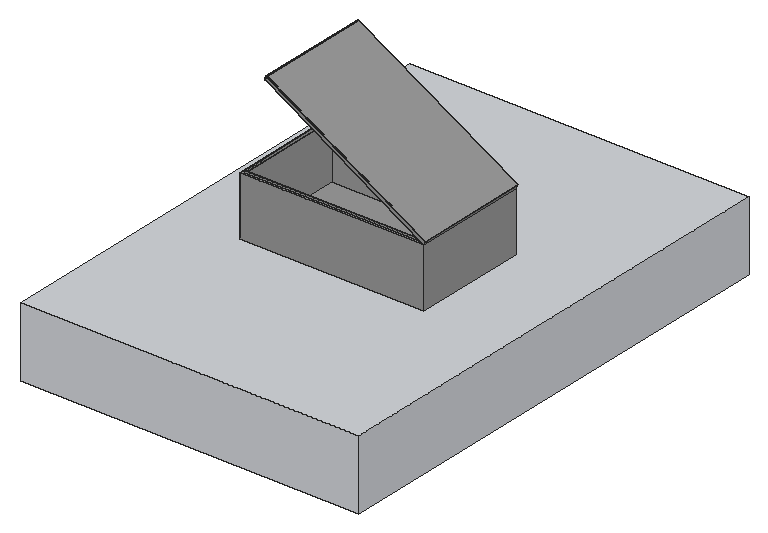
Revit family "Hager-Univers-IP55-D275-H500-Cl.II-Steel_encl-SE-en", category Equipement électrique, Revit 2020
Family settings
  Hôte = Face
  Configuration du panneau = Deux colonnes, circuits au sein
  Cote de connecteur circulaire = Utiliser le diamètre
  Type d'élément = Tableau de raccordement
  Couper avec des vides une fois chargée = Non
  Partagée = Non
  Point de calcul de pièce = Non
Parameters (values of type "Surface mounted (plaster) IP55 W800 H500 D275  - FR33S")
  Width Control [instance] = if([EF000008 - Width] > Min Width, [EF000008 - Width], Min Width)  # 800 mm
  Commentaires du type = [HG000003 - Range]  # "Univers"
  Thickness Door [instance] = if([EF009171 - Material plate thickness door/cover] > 3 mm, 3 mm, [EF009171 - Material plate thickness door/cover])  # 1.5 mm
  Seal Frame Offset [instance] = 17 mm  # constant formula
  Plinth Visibility [instance] = [HG000027 - Plinth height] > 0 mm  # no
  Model = ""
  Min Width [instance] = 100 mm  # constant formula
  Min Height [instance] = 100 mm  # constant formula
  Min Depth [instance] = (2 * [EF009170 - Material plate thickness cabinet]) + 1 mm  # 4 mm
  Internal Frame Depth [instance] = (Door System Depth * 0.5)  # 9 mm
  Height Control [instance] = if([EF000040 - Height] > Min Height, [EF000040 - Height], Min Height)  # 500 mm
  HG000027 - Plinth height = 0 mm
  HG000026 - Floor standing = no
  HG000024 - Bottom section height = 800 mm
  HG000023 - Double section enclosure = no
  HG000016 - Door 3d visibility [instance] = yes
  HG000015 - Clearance visibility [instance] = no
  HG000014 - Door on the right [instance] = yes
  HG000013 - Door on the left [instance] = not([HG000014 - Door on the right])  # no
  HG000012 - Door swing angle [instance] = 30.00°
  HG000010 - Asymmetric doors = no
  HG000009 - Double swing door = no
  HG000006 - Flush mounted = no
  HG000004 - Manufacturer reference = "FR33S"
  HG000003 - Range = "Univers"
  HG000002 - With door or cover = yes
  Frame Offset Bottom [instance] = 10 mm  # constant formula
  Frame Offset [instance] = 15 mm  # constant formula
  EF015940 - Cover with overpressure release = no
  EF011959 - Degree of protection (NEMA) = ""
  EF009554 - Number of openings for flange plates = 6
  EF009212 - Cover model = "EV000116 - Closed"
  EF009171 - Material plate thickness door/cover = 1.5 mm
  EF009170 - Material plate thickness cabinet = 1.5 mm
  Fabricant = "Hager"  # constant formula
  EF008873 - Nominal current (In) = 800 A
  EF007800 - Suitable for lightning protection = no
  EF006306 - With lock = no
  EF006244 - Transparent cover/door = no
  EF005474 - Degree of protection (IP) = "EV006420 - IP55"
  EF004464 - Type of door = "EV002646 - Single"
  EF004427 - Number of modules = 108
  EF004293 - Impact strength = "EV008784 - IK10"
  EF003532 - Suitable for outdoor use = no
  EF002950 - Width in number of modular spacings = 24
  EF001613 - Circuit integrity = "EV000494 - None"
  EF001596 - Material housing = "EV000179 - Steel"
  EF001131 - Internal depth = 275 mm
  EF001088 - Extension possible = yes
  EF000437 - Number of conduit inlets = 6
  EF000339 - Type of cover = "EV004216 - Door"
  EF000266 - Number of rows = 3
  EF000218 - Built-in depth = 0 mm
  EF000118 - With mounting plate = no
  EF000116 - RAL-number = "7035"
  EF000049 - Depth = 275 mm
  EF000040 - Height = 500 mm
  EF000008 - Width = 800 mm
  EF000007 - Colour = "EV000270 - Grey"
  EF000003 - Mounting method = "EV000384 - Surface mounted (plaster)"
  Door System Leaf Tolerance [instance] = 1.5 mm  # constant formula
  Door System Depth [instance] = 18 mm  # constant formula
  Door Height [instance] = Height Control - [HG000027 - Plinth height]  # 500 mm
  Depth Control [instance] = if([EF000049 - Depth] > Min Depth, [EF000049 - Depth], Min Depth)  # 275 mm
  Default Elevation = 0 mm
  Connector Offset [instance] = Height Control / 2  # 250 mm
  Bottom Top Plate Trim [instance] = 1.5 mm  # constant formula
  Plinth height Ctrl [instance] = if([HG000027 - Plinth height] > 0 mm, [HG000027 - Plinth height], 12 mm)  # 12 mm
Types (5, lengths in mm): name | Width Control | HG000010 - Asymmetric doors | HG000009 - Double swing door | HG000004 - Manufacturer reference | EF009554 - Number of openings for flange plates | EF004464 - Type of door | EF004427 - Number of modules | EF000437 - Number of conduit inlets | EF000008 - Width
  Surface mounted (plaster) IP55 W1050 H500 D275  - FR34S | 1050 | no | yes | "FR34S" | 8 | "EV003602 - Double" | 144 | 8 | 1050
  Surface mounted (plaster) IP55 W1300 H500 D275  - FR35S | 1300 | yes | yes | "FR35S" | 10 | "EV003602 - Double" | 180 | 10 | 1300
  Surface mounted (plaster) IP55 W300 H500 D275  - FR31S | 300 | no | no | "FR31S" | 2 | "EV002646 - Single" | 36 | 2 | 300
  Surface mounted (plaster) IP55 W550 H500 D275  - FR32S | 550 | no | no | "FR32S" | 4 | "EV002646 - Single" | 72 | 4 | 550
  Surface mounted (plaster) IP55 W800 H500 D275  - FR33S | 800 | no | no | "FR33S" | 6 | "EV002646 - Single" | 108 | 6 | 800
Reference planes
  plane 1 "Center (Front/Back)": y = 0
  plane 2: z = 0
  plane 3 "Center (Left/Right)": x = 0
  plane 4: z = 275
  plane 5: y = 1.5
  plane 6: y = 250
  plane 7: y = 0
  plane 8: y = 500
  plane 9: z = 0
  plane 10: x = -385
  plane 11: x = 385
  plane 12: x = 383.5
  plane 13: x = -383.5
  plane 14: y = 498.5
  plane 15: x = -383
  plane 16: x = -400
  plane 17: x = 383
  plane 18: x = 400
  plane 19: x = 398.5
  plane 20: x = -398.5
  plane 21: y = 11.5
  plane 22: y = 500
  plane 23: y = 483.5
  plane 24: z = 257
  plane 25: z = 1.5
  plane 26: z = 255.5
  plane 27: z = 273.5
Forms (mm)
  Extrusion 1, solid
    sketch origin (0, 0, 0) x (1, 0, 0) y (0, 1, 0)
      loop
        line (-702.964, 1305) -> (-702.964, -811.445) -> (766.763, -811.445) -> (766.763, 1305) -> (-702.964, 1305)
    from 0 to -304.8
  Extrusion 2, solid, material "Hager_Steel_RAL7035_Light_Grey", visible <- "Plinth Visibility", detail levels medium+fine
    sketch origin (0, 0, 0) x (1, 0, 0) y (0, 1, 0)
      loop
        line (-400, 0) -> (400, 0) -> (400, 12) -> (-400, 12) -> (-400, 0)
    from 0 to 257
  Extrusion 3, solid, material "Hager_Steel_RAL7035_Light_Grey", detail levels medium+fine
    sketch origin (0, 0, 0) x (1, 0, 0) y (0, 1, 0)
      loop
        line (-400, 0) -> (400, 0) -> (400, 500) -> (-400, 500) -> (-400, 0)
    from 0 to 257
  Extrusion 4, void
    sketch origin (0, 0, 0) x (1, 0, 0) y (0, 1, 0)
      loop
        line (-398.5, 1.5) -> (398.5, 1.5) -> (398.5, 498.5) -> (-398.5, 498.5) -> (-398.5, 1.5)
    from 1.5 to 255.5
  Extrusion 5, void
    sketch origin (-381.607, -4572, 257) x (0, -1, 0) y (-1, 0, 0)
      loop
        line (-4583.5, 1.893) -> (-5055.5, 1.893) -> (-5055.5, -765.107) -> (-4583.5, -765.107) -> (-4583.5, 1.893)
    from 0 to 1.5 <- "EF009170 - Material plate thickness cabinet"
  Extrusion 6, solid, material "Hager_Steel_RAL7035_Light_Grey", detail levels fine
    sketch origin (0, 0, 257) x (1, 0, 0) y (0, 1, 0)
      loop
        line (-383.5, 483.5) -> (-383.5, 11.5) -> (383.5, 11.5) -> (383.5, 483.5) -> (-383.5, 483.5)
      loop
        line (-385, 10) -> (385, 10) -> (385, 485) -> (-385, 485) -> (-385, 10)
    from 0 to 9 <- "Internal Frame Depth"
  Extrusion 7, solid, material "Hager_Steel_RAL7035_Light_Grey", detail levels coarse
    sketch origin (0, 0, 0) x (1, 0, 0) y (0, 1, 0)
      loop
        line (-400, 0) -> (400, 0) -> (400, 500) -> (-400, 500) -> (-400, 0)
    from 0 to 275
  Sweep 8, void
    path in 3D
      loop
        line (-400, 12, 0) -> (400, 12, 0) -> (400, 12, 257) -> (-400, 12, 257) -> (-400, 12, 0)
    profile origin (-400, 12, 128.5) x (-1, 0, 0) y (0, -1, 0)
      loop
        line (0, 0) -> (0, 1.5) -> (-1.5, 1.5)
        arc (-1.5, 1.5) -> (-1.061, 0.439) -> (0, 0) r 1.5
Cuts and joins
  Extrusion 4, Extrusion 5 cuts Extrusion 3
  Sweep 8 cuts Extrusion 2
Lines and regions (mm)
  Masking region 1
    outline origin (0, 0, 0) x (1, 0, 0) y (0, 0, 1)
      loop
        line (-400, 275) -> (-400, 0) -> (400, 0) -> (400, 275) -> (-400, 275)
  Masking region 2, detail levels medium+fine
    outline origin (0, 140, 0) x (0, 1, 0) y (0, 0, 1)
      loop
        line (-140, 0) -> (360, 0) -> (360, 257) -> (-140, 257) -> (-140, 0)
  Masking region 3, not visible, detail levels medium+fine
    outline origin (0, 297.922, 0) x (0, 1, 0) y (0, 0, 1)
      loop
        line (-36.422, 0) -> (3.578, 0) -> (3.578, 263.5)
        arc (3.578, 263.5) -> (0.649, 270.571) -> (-6.422, 273.5) r 10
        line (-6.422, 273.5) -> (-36.422, 273.5) -> (-36.422, 0)
  Masking region 4, detail levels coarse
    outline origin (0, 0, 180) x (0, 1, 0) y (0, 0, 1)
      loop
        line (0, -180) -> (500, -180) -> (500, 95) -> (0, 95) -> (0, -180)
  Masking region 5, visible <- "Plinth Visibility", detail levels medium+fine
    outline origin (0, 52.24, 12.345) x (0, 0, -1) y (0, 1, 0)
      loop
        line (10.845, -40.24) -> (-243.155, -40.24)
        arc (-243.155, -40.24) -> (-243.594, -41.301) -> (-244.655, -41.74) r 1.5
        line (-244.655, -41.74) -> (-244.655, -52.24) -> (12.345, -52.24) -> (12.345, -41.74)
        arc (12.345, -41.74) -> (11.285, -41.301) -> (10.845, -40.24) r 1.5
  Masking region 6, detail levels medium+fine
    outline origin (-381.607, -4572, 257) x (-1, 0, 0) y (0, -1, 0)
      loop
        line (18.393, -5072) -> (18.393, -4572) -> (-781.607, -4572) -> (-781.607, -5072) -> (18.393, -5072)
  Masking region 7, visible <- "Plinth Visibility", detail levels medium+fine
    outline origin (-381.607, -4727, 257) x (-1, 0, 0) y (0, -1, 0)
      loop
        arc (16.893, -4739) -> (17.332, -4737.939) -> (18.393, -4737.5) r 1.5
        line (18.393, -4737.5) -> (18.393, -4727) -> (-781.607, -4727) -> (-781.607, -4737.5)
        arc (-781.607, -4737.5) -> (-780.546, -4737.939) -> (-780.107, -4739) r 1.5
        line (-780.107, -4739) -> (16.893, -4739)
  Masking region 8, detail levels coarse
    outline origin (-442.548, -4669.526, 257) x (-1, 0, 0) y (0, -1, 0)
      loop
        line (-42.548, -5169.526) -> (-42.548, -4669.526) -> (-842.548, -4669.526) -> (-842.548, -5169.526) -> (-42.548, -5169.526)
  sketch lines
    curve 1: line (-400, 12, 257) -> (-400, 12, 0)
    curve 2: line (400, 12, 257) -> (-400, 12, 257)
    curve 3: line (400, 12, 257) -> (400, 12, 0)
    curve 4: line (-400, 12, 0) -> (400, 12, 0)
Dimensions and locks
  "Depth Control": plane 4 to Extrusion 1
  "HG000027 - Plinth height": plane 1 "Center (Front/Back)" to plane 7
  "EF009170 - Material plate thickness cabinet": plane 5 to plane 7
  locked: connector elem to plane 3 "Center (Left/Right)"
  equal spacing: plane 8, plane 6, plane 7
  locked: connector elem to plane 6
  "EF009170 - Material plate thickness cabinet": plane 8 to plane 14
  "EF009170 - Material plate thickness cabinet": plane 10 to plane 13
  "EF009170 - Material plate thickness cabinet": plane 12 to plane 11
  "Frame Offset": plane 20 to plane 13
  "Frame Offset": plane 12 to plane 19
  "EF009170 - Material plate thickness cabinet": plane 16 to plane 20
  "EF009170 - Material plate thickness cabinet": plane 19 to plane 18
  "Seal Frame Offset": plane 16 to plane 15
  "Seal Frame Offset": plane 17 to plane 18
  "Frame Offset Bottom": plane 21 to plane 5
  "Frame Offset": plane 14 to plane 23
  equal spacing: plane 16, plane 3 "Center (Left/Right)", plane 18
  "Width Control": plane 16 to plane 18
  "EF009170 - Material plate thickness cabinet": plane 4 to plane 27
  "EF009170 - Material plate thickness cabinet": plane 24 to plane 26
  "EF009170 - Material plate thickness cabinet": plane 25 to level
  "Door System Depth": plane 4 to plane 24
  "Height Control": plane 1 "Center (Front/Back)" to Extrusion 7 sketch curve
  "Height Control": Masking region 4 sketch curve to plane 1 "Center (Front/Back)"
  "Height Control": plane 1 "Center (Front/Back)" to plane 22
  "Bottom Top Plate Trim": profile plane to Sweep 8 sketch curve
  "Bottom Top Plate Trim": Sweep 8 sketch curve to profile plane
  "Plinth height Ctrl": plane 1 "Center (Front/Back)" to Extrusion 2 sketch curve
  "Plinth height Ctrl": Masking region 5 sketch curve to plane 1 "Center (Front/Back)"
  "Plinth height Ctrl": plane 1 "Center (Front/Back)" to Masking region 7 sketch curve
  "Thickness Door": Extrusion 6 sketch curve to Extrusion 6 sketch curve  (x3)
  "Thickness Door": cut or joined group of Extrusion 3, Extrusion 4, Extrusion 5 to Extrusion 6 sketch curve
  radius of Masking region 3 sketch curve = 10 mm
  "Bottom Top Plate Trim": radius of Masking region 5 sketch curve  (x2)
  "Bottom Top Plate Trim": radius of Sweep 8 sketch curve
  "Bottom Top Plate Trim": radius of Masking region 7 sketch curve  (x2)
  aligned and locked: plane 2 to Extrusion 1
  aligned and locked: level to Extrusion 1
  aligned and locked: level to Masking region 1 sketch curve
  aligned and locked: Masking region 1 sketch curve to plane 18
  aligned and locked: Masking region 1 sketch curve to plane 16
  aligned and locked: plane 7 to Masking region 2 sketch curve
  aligned and locked: level to Masking region 3 sketch curve
  aligned and locked: Masking region 3 sketch curve to plane 27
  aligned and locked: level to Masking region 2 sketch curve
  aligned and locked: plane 1 "Center (Front/Back)" to Extrusion 2 sketch curve
  aligned and locked: Extrusion 3 sketch curve to plane 7
  aligned and locked: plane 16 to Extrusion 3 sketch curve
  aligned and locked: plane 18 to Extrusion 3 sketch curve
  aligned and locked: plane 20 to Extrusion 4 sketch curve
  aligned and locked: plane 19 to Extrusion 4 sketch curve
  aligned and locked: Extrusion 4 sketch curve to plane 5
  aligned and locked: Extrusion 4 to plane 25
  aligned and locked: plane 26 to Extrusion 4
  aligned and locked: plane 24 to Extrusion 3
  aligned and locked: Extrusion 5 sketch curve to plane 21
  aligned and locked: Extrusion 5 sketch curve to plane 13
  aligned and locked: Extrusion 5 sketch curve to plane 12
  aligned and locked: plane 18 to Extrusion 7 sketch curve
  aligned and locked: plane 1 "Center (Front/Back)" to Extrusion 7 sketch curve
  aligned and locked: plane 16 to Extrusion 7 sketch curve
  aligned and locked: plane 4 to Extrusion 7
  aligned and locked: Extrusion 7 to level
  aligned and locked: level to Masking region 4 sketch curve
  aligned and locked: Masking region 4 sketch curve to plane 1 "Center (Front/Back)"
  aligned and locked: Masking region 4 sketch curve to plane 4
  aligned and locked: nested 1 to level
  aligned and locked: nested 1 to plane 16
  aligned and locked: plane 8 to Extrusion 3 sketch curve
  aligned and locked: plane 23 to Extrusion 5 sketch curve
  aligned and locked: plane 14 to Extrusion 4 sketch curve
  aligned and locked: Masking region 2 sketch curve to plane 8
  aligned and locked: level to Masking region 5 sketch curve
  aligned and locked: plane 16 to Extrusion 2 sketch curve
  aligned and locked: plane 18 to Extrusion 2 sketch curve
  aligned and locked: Masking region 5 sketch curve to plane 24
  aligned and locked: Masking region 2 sketch curve to plane 24
  aligned and locked: plane 24 to Extrusion 2
  aligned and locked: profile plane to Sweep 8 sketch curve  (x2)
  aligned and locked: Masking region 6 sketch curve to plane 18
  aligned and locked: Masking region 6 sketch curve to plane 22
  aligned and locked: Masking region 6 sketch curve to plane 16
  aligned and locked: plane 8 to plane 22
  aligned and locked: Masking region 6 sketch curve to plane 7
  aligned and locked: Masking region 7 sketch curve to plane 16
  aligned and locked: Masking region 7 sketch curve to plane 1 "Center (Front/Back)"
  aligned and locked: Masking region 7 sketch curve to plane 18
  aligned and locked: Masking region 8 sketch curve to plane 1 "Center (Front/Back)"
  aligned and locked: Masking region 8 sketch curve to plane 18
  aligned and locked: Masking region 8 sketch curve to plane 22
  aligned and locked: Masking region 8 sketch curve to plane 16
  aligned and locked: nested 2 to plane 7
  aligned and locked: plane 3 "Center (Left/Right)" to nested 2
  aligned and locked: nested 2 to plane 24
  aligned and locked: Extrusion 6 sketch curve to cut or joined group of Extrusion 3, Extrusion 4, Extrusion 5  (x4)
Automatic sketch dimensions
  Extrusion 1 sketch curve to Extrusion 1 sketch curve = 1469.727 mm
  Extrusion 1 sketch curve to Extrusion 1 sketch curve = 2116.445 mm
  Masking region 1 sketch curve to plane 4 = 0 mm
  plane 6 to Masking region 3 sketch curve = 11.5 mm
  Masking region 3 sketch curve to Masking region 3 sketch curve = 30 mm
  Masking region 5 sketch curve to plane 1 "Center (Front/Back)" = 0 mm
Nested families
  nested 1: "Hager_Enclosure_Symbol" at (-400, 0, 0) x (1, 0, 0) z (0, -1, 0), Height <- "Depth Control", Width <- "Width Control", type "Hager_Enclosure_Symbol"
    with Width_Ctrl 800 mm, Width 800 mm, Height_Ctrl 275 mm, Height 275 mm, A_Width_Int 18.047 mm, A_Width 216.562 mm, A_Height_Ctrl 240.625 mm, A_Height 240.625 mm
  nested 2: "EC000058_Univers_Door" at (0, 0, 257) x (1, 0, 0) z (0, 1, 0), Leaf_Tolerance <- "Door System Leaf Tolerance", Angle <- "HG000012 - Door swing angle", Door_Depth <- "Door System Depth", Door_Left <- "HG000013 - Door on the left", Transparent <- "EF006244 - Transparent cover/door", Assymetrical <- "HG000010 - Asymmetric doors", Width <- "Width Control", Clearance <- "HG000015 - Clearance visibility", Double <- "HG000009 - Double swing door", 3d_Door <- "HG000016 - Door 3d visibility", Lock_Visibility <- "EF006306 - With lock", Width_Ctrl <- "Width Control", Door_Right <- "HG000014 - Door on the right", Door <- "HG000002 - With door or cover", Height <- "Door Height", Thickness <- "Thickness Door", type "EC000058_Univers_Door", detail levels medium+fine
    with min_wh 4 mm, Width_Ctrl 800 mm, Width 800 mm, Transparent no, Thickness 1.5 mm, Seal_Material Hager_Rubber, Lock_Visibility no, Lock_Material Hager_Plastic_RAL9005_Jet_Black, Leaf_Width 800 mm, Leaf_Tolerance_External_Sides 0 mm, Leaf_Tolerance 1.5 mm, Leaf_Offset 0 mm, Leaf_Height 497 mm, Leaf_2_Width 800 mm, Leaf_2_Offset 400 mm, Leaf_1_Width 800 mm, Leaf_1_Offset 400 mm, Height_Ctrl 500 mm, Height 500 mm, Glass_Material Hager_Glass, Double_Clearance_Ctrl no, Double no, Door_Right_Ctrl yes, Door_Right yes, Door_Material Hager_Steel_RAL7035_Light_Grey, Door_Left_Ctrl no, Door_Left no, Door_Depth 18 mm, Door yes, Clearance_Material Hager_Clearance, Clearance_Depth 800 mm, Clearance_Ctrl no, Clearance no, Assymetrical no, Angle 30.00°, 3d_Door yes
Connectors
  electrical at (0, 250, 0)
    settings: on plane 9, index 1, voltage 0 V, apparent load 0 VA, apparent load phase1 0 VA, apparent load phase2 0 VA, apparent load phase3 0 VA, power factor 1, load classification "Other", number of poles 1, system type 30, power factor state 1, is connector primary yes, connector utility no, sub classification motor no, connector description ""
Definition of nested family "EC000058_Univers_Door"
  Parameters (values of type "EC000058_Univers_Door")
    min_wh [instance] = (2 * Thickness) + 1 mm  # 11 mm
    Width_Ctrl [instance] = 400 mm
    Width [instance] = 500 mm
    Transparent [instance] = yes
    Thickness [instance] = 5 mm
    Seal_Material [instance] = none
    Lock_Visibility [instance] = yes
    Lock_Material [instance] = none
    Leaf_Width [instance] = if((Width_Ctrl - 2 * Leaf_Tolerance_External_Sides) > 0 mm, (Width_Ctrl - 2 * Leaf_Tolerance_External_Sides), min_wh)  # 400 mm
    Leaf_Tolerance_External_Sides [instance] = 0 mm  # constant formula
    Leaf_Tolerance [instance] = 1.5 mm
    Leaf_Offset [instance] = 0 mm  # constant formula
    Leaf_Height [instance] = if((Height_Ctrl - 2 * Leaf_Tolerance) > 0 mm, (Height_Ctrl - 2 * Leaf_Tolerance), min_wh)  # 497 mm
    Leaf_2_Width [instance] = if(and(and(Double, Assymetrical), Door_Left), (Leaf_Width / 3) - (Leaf_Tolerance / 2), if(and(and(Double, Assymetrical), Door_Right), (Leaf_Width / 3) * 2 - (Leaf_Tolerance / 2), if(and(Double, not(Assymetrical)), (Leaf_Width / 2) - Leaf_Tolerance, Leaf_Width)))  # 400 mm
    Leaf_2_Offset [instance] = if(and(Double, Assymetrical), Leaf_2_Width / 2, if(and(Double, not(Assymetrical)), Leaf_Width / 4, Leaf_Width / 2))  # 200 mm
    Leaf_1_Width [instance] = if(and(and(Double, Assymetrical), Door_Right), (Leaf_Width / 3) - (Leaf_Tolerance / 2), if(and(and(Double, Assymetrical), Door_Left), (Width / 3) * 2 - (Leaf_Tolerance / 2), if(and(Double, not(Assymetrical)), (Leaf_Width / 2) - Leaf_Tolerance, Leaf_Width)))  # 400 mm
    Leaf_1_Offset [instance] = if(and(Double, Assymetrical), Leaf_1_Width / 2, if(and(Double, not(Assymetrical)), Leaf_Width / 4, Leaf_Width / 2))  # 200 mm
    Height_Ctrl [instance] = if(Height > min_wh, Height, min_wh)  # 500 mm
    Height [instance] = 500 mm
    Glass_Material [instance] = none
    Double_Clearance_Ctrl [instance] = and(Double, Clearance)  # no
    Double [instance] = no
    Door_Right_Ctrl [instance] = and(or(Door_Right, Double), Door)  # yes
    Door_Right [instance] = yes
    Door_Material [instance] = none
    Door_Left_Ctrl [instance] = and(or(Door_Left, Double), Door)  # no
    Door_Left [instance] = no
    Door_Depth [instance] = 30 mm
    Door [instance] = yes
    Default Elevation = 1219.2 mm
    Clearance_Material [instance] = none
    Clearance_Depth [instance] = if(Leaf_1_Width > Leaf_2_Width, Leaf_1_Width, Leaf_2_Width)  # 400 mm
    Clearance_Ctrl [instance] = and(not(Double), Clearance)  # yes
    Clearance [instance] = yes
    Assymetrical [instance] = yes
    Angle [instance] = 30.00°
    3d_Door [instance] = yes
  Reference planes
    plane 1 "Center (Front/Back)": y = 0
    plane 2 "Bottom": z = 0
    plane 3 "Center (Left/Right)": x = 0
    plane 4: z = 500
    plane 5: x = -200
    plane 6: x = 200
    plane 7: z = 500
    plane 8: x = -200
    plane 9: z = 0
    plane 10: x = 200
    plane 11: y = 0
    plane 12: z = 1.5
    plane 13: x = -600
    plane 14: y = -400
    plane 15: x = 600
    plane 16: x = 0
    plane 17: x = 0
    plane 18: x = -200
    plane 19: x = 200
    plane 20: z = 498.5
  Forms (mm)
    Extrusion 1, solid, material <- "Clearance_Material", visible <- "Double_Clearance_Ctrl"
      sketch origin (1200, 0, 0) x (1, 0, 0) y (0, 0, -1)
        loop
          line (-1800, -498.5) -> (-600, -498.5) -> (-600, 0) -> (-1800, 0) -> (-1800, -498.5)
      from 0 to -400
  Dimensions and locks
    equal spacing: plane 5, plane 3 "Center (Left/Right)", plane 6
    "Width_Ctrl": plane 5 to plane 6
    "Leaf_Offset": plane 5 to plane 8
    "Leaf_Offset": plane 6 to plane 10
    "Leaf_Offset": plane 9 to level
    "Leaf_Offset": plane 4 to plane 7
    "Height_Ctrl": plane 4 to level
    "Leaf_Tolerance": plane 12 to plane 9
    locked: plane 11 to plane 1 "Center (Front/Back)"
    "Leaf_1_Offset": plane 18 to plane 16
    "Leaf_2_Offset": plane 17 to plane 19
    "Leaf_1_Width": plane 13 to plane 8
    "Leaf_2_Width": plane 10 to plane 15
    "Clearance_Depth": plane 14 to plane 1 "Center (Front/Back)"
    "Leaf_Tolerance_External_Sides": plane 8 to plane 18
    "Leaf_Tolerance_External_Sides": plane 19 to plane 10
    "Leaf_Tolerance": plane 7 to plane 20
    aligned and locked: level to plane 2 "Bottom"
    aligned and locked: nested 1 to plane 16
    aligned and locked: nested 2 to plane 17
    aligned and locked: Extrusion 1 to plane 13
    aligned and locked: plane 15 to Extrusion 1
    aligned and locked: Extrusion 1 to plane 14
    aligned and locked: plane 12 to nested 1
    aligned and locked: nested 2 to plane 12
    aligned and locked: Extrusion 1 to plane 11
    aligned and locked: plane 20 to Extrusion 1
    aligned and locked: nested 2 to plane 11
    aligned and locked: nested 1 to plane 11
  Automatic sketch dimensions
    Extrusion 1 sketch curve to level = 0 mm
    plane 5 to Extrusion 1 sketch curve = 400 mm
    plane 6 to Extrusion 1 sketch curve = 400 mm
    Extrusion 1 sketch curve to plane 4 = 1.5 mm
  Nested families
    nested 1: "EC000058_Univers_Door_Leaf" at (0, 0, 1.5), Width <- "Leaf_1_Width", visible <- "Door_Left_Ctrl", Leaf_Height <- "Leaf_Height", Angle <- "Angle", 3d_Door <- "3d_Door", Transparent <- "Transparent", Clearance Material <- "Clearance_Material", Clearance <- "Clearance_Ctrl", Door_Material <- "Door_Material", Glass_Material <- "Glass_Material", Door_Depth <- "Door_Depth", Lock_Material <- "Lock_Material", Seal_Material <- "Seal_Material", Lock_Visibility <- "Lock_Visibility", Thickness <- "Thickness", type "EC000058_Univers_Door_Leaf"
      with Width 400 mm, Transparent_Glass_Offset 30 mm, Transparent_Ctrl yes, Transparent yes, Thickness 5 mm, Standard no, Seal_Material none, Seal_D2 8 mm, Seal_D1 1 mm, Offset_Internal_Frame 10 mm, Lock_Width 20 mm, Lock_Visibility_3d yes, Lock_Visibility yes, Lock_Thickness_3 3 mm, Lock_Thickness_2 1 mm, Lock_Thickness_1 3 mm, Lock_Radius_Offset_2 16 mm, Lock_Radius_Offset_1 15 mm, Lock_Radius_2 5 mm, Lock_Radius 6 mm, Lock_Offset 5 mm, Lock_Material none, Lock_Height 80 mm, Lock_Cover_Top_Offset_2d 17 mm, Lock_Cover_Height -65 mm, Leaf_Height 497 mm, Internal_Seal_Thickness 8 mm, Internal_Seal_Depth_2 4.5 mm, Internal_Frame_Depth 25 mm, Glass_Thickness -1 mm, Glass_Offset -2 mm, Glass_Material none, Door_Material none, Door_Depth 30 mm, Clearance Material none, Clearance yes, Angle_Ctrl 30.00°, Angle 30.00°, 3d_Door yes
    nested 2: "EC000058_Univers_Door_Leaf" at (0, 0, 1.5) x (-1, 0, 0) z (0, 0, 1), Width <- "Leaf_2_Width", visible <- "Door_Right_Ctrl", Leaf_Height <- "Leaf_Height", Angle <- "Angle", 3d_Door <- "3d_Door", Transparent <- "Transparent", Clearance Material <- "Clearance_Material", Clearance <- "Clearance_Ctrl", Door_Material <- "Door_Material", Glass_Material <- "Glass_Material", Door_Depth <- "Door_Depth", Lock_Material <- "Lock_Material", Seal_Material <- "Seal_Material", Lock_Visibility <- "Lock_Visibility", Thickness <- "Thickness", type "EC000058_Univers_Door_Leaf"
      with Width 400 mm, Transparent_Glass_Offset 30 mm, Transparent_Ctrl yes, Transparent yes, Thickness 5 mm, Standard no, Seal_Material none, Seal_D2 8 mm, Seal_D1 1 mm, Offset_Internal_Frame 10 mm, Lock_Width 20 mm, Lock_Visibility_3d yes, Lock_Visibility yes, Lock_Thickness_3 3 mm, Lock_Thickness_2 1 mm, Lock_Thickness_1 3 mm, Lock_Radius_Offset_2 16 mm, Lock_Radius_Offset_1 15 mm, Lock_Radius_2 5 mm, Lock_Radius 6 mm, Lock_Offset 5 mm, Lock_Material none, Lock_Height 80 mm, Lock_Cover_Top_Offset_2d 17 mm, Lock_Cover_Height -65 mm, Leaf_Height 497 mm, Internal_Seal_Thickness 8 mm, Internal_Seal_Depth_2 4.5 mm, Internal_Frame_Depth 25 mm, Glass_Thickness -1 mm, Glass_Offset -2 mm, Glass_Material none, Door_Material none, Door_Depth 30 mm, Clearance Material none, Clearance yes, Angle_Ctrl 30.00°, Angle 30.00°, 3d_Door yes
  Definition of nested family "EC000058_Univers_Door_Leaf"
    Parameters (values of type "EC000058_Univers_Door_Leaf")
      Width [instance] = 2000 mm
      Transparent_Glass_Offset [instance] = 30 mm
      Transparent_Ctrl [instance] = and(Transparent, [3d_Door])  # yes
      Transparent [instance] = yes
      Thickness [instance] = 5 mm
      Standard [instance] = and(not(Transparent), [3d_Door])  # no
      Seal_Material [instance] = none
      Seal_D2 [instance] = 8 mm  # constant formula
      Seal_D1 [instance] = 1 mm  # constant formula
      Offset_Internal_Frame [instance] = 10 mm  # constant formula
      Lock_Width [instance] = 20 mm  # constant formula
      Lock_Visibility_3d [instance] = and(Lock_Visibility, [3d_Door])  # yes
      Lock_Visibility [instance] = yes
      Lock_Thickness_3 [instance] = 3 mm  # constant formula
      Lock_Thickness_2 [instance] = 1 mm  # constant formula
      Lock_Thickness_1 [instance] = 3 mm  # constant formula
      Lock_Radius_Offset_2 [instance] = Lock_Radius_Offset_1 + 1 mm  # 16 mm
      Lock_Radius_Offset_1 [instance] = 15 mm  # constant formula
      Lock_Radius_2 [instance] = Lock_Radius - 1 mm  # 5 mm
      Lock_Radius [instance] = 6 mm  # constant formula
      Lock_Offset [instance] = 5 mm  # constant formula
      Lock_Material [instance] = none
      Lock_Height [instance] = 80 mm  # constant formula
      Lock_Cover_Top_Offset_2d [instance] = Lock_Radius_Offset_2 + 1 mm  # 17 mm
      Lock_Cover_Height [instance] = -(Lock_Height - Lock_Radius_Offset_1)  # -65 mm
      Leaf_Height [instance] = 2720.336 mm
      Internal_Seal_Thickness [instance] = 8 mm  # constant formula
      Internal_Seal_Depth_2 [instance] = 4.5 mm  # constant formula
      Internal_Frame_Depth [instance] = if(Door_Depth - Thickness > 5 mm, Door_Depth - Thickness, 5 mm)  # 25 mm
      Glass_Thickness [instance] = if(Thickness > 15 mm, Glass_Offset + 10 mm, -1 mm)  # -1 mm
      Glass_Offset [instance] = if(Thickness > 15 mm, -(Thickness + 10 mm) / 2, -2 mm)  # -2 mm
      Glass_Material [instance] = none
      Door_Material [instance] = none
      Door_Depth [instance] = 30 mm
      Default Elevation = 0 mm
      Clearance Material [instance] = none
      Clearance [instance] = yes
      Angle_Ctrl [instance] = if(Angle > 180.00°, 180.00°, Angle)  # 90.00°
      Angle [instance] = 90.00°
      3d_Door [instance] = yes
    Reference planes
      plane 1 "Center (Front/Back)": y = 0
      plane 2: z = 0
      plane 3 "Center (Left/Right)": x = 0
      plane 4: y = 2000
      plane 5: x = -1000
      plane 6: x = 1000
      plane 7: x = -3000
      plane 8: z = 2720.336
      plane 9: z = 30
      plane 10: z = 2690.336
      plane 11: x = 970
      plane 12: x = -970
      plane 13: y = -3
      plane 14: z = 107.833
      plane 15: y = -5
      plane 16: y = -223.314
      plane 17: x = -1000
      plane 18: z = 1360.168
      plane 19: y = 30
    Forms (mm)
      Extrusion 1, solid, material <- "Clearance Material", visible <- "Clearance"
        sketch origin (0, 0, 0) x (1, 0, 0) y (0, 0, 1)
          loop
            line (-3000, 2720.336) -> (-3000, 0) -> (1000, 0) -> (1000, 2720.336) -> (-3000, 2720.336)
        from 0 to -2000
      Extrusion 2, solid, material <- "Door_Material", visible <- "Standard", detail levels medium+fine
        sketch origin (-1000, 0, 0) x (0, 1, 0) y (-1, 0, 0)
          loop
            line (0, 30) -> (0, 25) -> (2000, 25) -> (2000, 30) -> (0, 30)
        from 0 to 2720.336 <- "Leaf_Height"
      Extrusion 3, solid, material <- "Door_Material", visible <- "Transparent_Ctrl", detail levels medium+fine
        sketch origin (-1000, 0, 0) x (0, 1, 0) y (-1, 0, 0)
          loop
            line (0, 25) -> (2000, 25) -> (2000, 30) -> (0, 30) -> (0, 25)
        from 0 to 2720.336 <- "Leaf_Height"
      Extrusion 4, void
        sketch origin (-1025, 2000, 0) x (0, 1, 0) y (0, 0, -1)
          loop
            line (-30, -2690.336) -> (-30, -30) -> (-1970, -30) -> (-1970, -2690.336) -> (-30, -2690.336)
        from 0 to 5 <- "Thickness"
      Sweep 5, solid, material <- "Seal_Material", visible <- "Transparent_Ctrl", detail levels fine
        path in 3D
          loop
            line (-1025, 30, 30) -> (-1025, 30, 2690.336) -> (-1025, 1970, 2690.336) -> (-1025, 1970, 30) -> (-1025, 30, 30)
        profile origin (-1025, 1000, 30) x (1, 0, 0) y (0, 0, 1)
          loop
            line (0, 0) -> (0, -8) -> (1, -8) -> (1, 0) -> (0, 0)
      Extrusion 6, solid, material <- "Glass_Material", visible <- "Transparent_Ctrl", detail levels medium+fine
        sketch origin (-1030, 0, 0) x (0, 1, 0) y (0, 0, -1)
          loop
            line (1970, -2690.336) -> (1970, -30) -> (30, -30) -> (30, -2690.336) -> (1970, -2690.336)
        from -2 <- "Glass_Offset" to -1 <- "Glass_Thickness"
      Extrusion 7, solid, material <- "Door_Material", visible <- "3d_Door", detail levels medium+fine
        sketch origin (-1025, 2000, 0) x (0, -1, 0) y (0, 0, -1)
          loop
            line (0, -2720.336) -> (2000, -2720.336) -> (2000, 0) -> (0, 0) -> (0, -2720.336)
          loop
            line (1995, -5) -> (5, -5) -> (5, -2715.336) -> (1995, -2715.336) -> (1995, -5)
        from 0 to 25 <- "Internal_Frame_Depth"
      Sweep 8, solid, material <- "Seal_Material", visible <- "Transparent_Ctrl", detail levels fine
        path in 3D
          loop
            line (-1025, 0, 0) -> (-1025, 2000, 0) -> (-1025, 2000, 2720.336) -> (-1025, 0, 2720.336) -> (-1025, 0, 0)
        profile origin (-1025, 0, 1360.168) x (1, 0, 0) y (0, 1, 0)
          loop
            line (0, 10) -> (2.975, 10)
            arc (2.975, 10) -> (4.053, 10.447) -> (4.5, 11.525) r 1.525
            line (4.5, 11.525) -> (4.5, 16.527)
            arc (4.5, 16.527) -> (4.069, 17.569) -> (3.027, 18) r 1.473
            line (3.027, 18) -> (0, 18) -> (0, 10)
      Extrusion 9, solid, material <- "Lock_Material", visible <- "Lock_Visibility_3d", detail levels fine
        sketch origin (-1030, 0, 0) x (0, 1, 0) y (0, 0, -1)
          loop
            arc (1993.5, -1400.168) -> (1994.561, -1399.729) -> (1995, -1398.668) r 1.5
            line (1995, -1398.668) -> (1995, -1320.168) -> (1975, -1320.168) -> (1975, -1398.668)
            arc (1975, -1398.668) -> (1975.439, -1399.729) -> (1976.5, -1400.168) r 1.5
            line (1976.5, -1400.168) -> (1993.5, -1400.168)
        from 3 <- "Lock_Thickness_1" to 0
      Blend 10, solid, material <- "Lock_Material", visible <- "Lock_Visibility_3d", detail levels fine
        base sketch origin (-1033, 0, 0) x (0, 1, 0) y (0, 0, -1)
          loop
            line (1975, -1320.168) -> (1975, -1398.668)
            arc (1975, -1398.668) -> (1975.439, -1399.729) -> (1976.5, -1400.168) r 1.5
            line (1976.5, -1400.168) -> (1993.5, -1400.168)
            arc (1993.5, -1400.168) -> (1994.561, -1399.729) -> (1995, -1398.668) r 1.5
            line (1995, -1398.668) -> (1995, -1320.168) -> (1975, -1320.168)
        top sketch origin (-1033, 0, 0) x (0, 1, 0) y (0, 0, -1)
          loop
            line (1976, -1320.168) -> (1976, -1398.668)
            arc (1976, -1398.668) -> (1976.146, -1399.022) -> (1976.5, -1399.168) r 0.5
            line (1976.5, -1399.168) -> (1993.5, -1399.168)
            arc (1993.5, -1399.168) -> (1993.854, -1399.022) -> (1994, -1398.668) r 0.5
            line (1994, -1398.668) -> (1994, -1320.168) -> (1976, -1320.168)
        from 0 to 1 <- "Lock_Thickness_2"
      Blend 11, solid, material <- "Lock_Material", visible <- "Lock_Visibility_3d", detail levels fine
        base sketch origin (-1034, 0, 0) x (0, 1, 0) y (0, 0, -1)
          loop
            line (1978, -1320.168) -> (1978, -1384.168)
            arc (1978, -1384.168) -> (1985, -1391.168) -> (1992, -1384.168) r 7
            line (1992, -1384.168) -> (1992, -1320.168) -> (1978, -1320.168)
        top sketch origin (-1034, 0, 0) x (0, 1, 0) y (0, 0, -1)
          loop
            line (1991, -1320.168) -> (1979, -1320.168) -> (1979, -1383.168)
            arc (1979, -1383.168) -> (1985, -1389.168) -> (1991, -1383.168) r 6
            line (1991, -1383.168) -> (1991, -1320.168)
        from 0 to 3 <- "Lock_Thickness_3"
      Extrusion 12, solid, material <- "Lock_Material", visible <- "Lock_Visibility_3d", detail levels fine
        sketch origin (-1030, 1975, 1320.168) x (1, 0, 0) y (0, -1, 0)
          loop
            line (-7, -19) -> (-7, -1) -> (0, -1) -> (0, 0) -> (-8, 0) -> (-8, -20) -> (0, -20) -> (0, -19) -> (-7, -19)
        from 0 to -65 <- "Lock_Cover_Height"
      Extrusion 13, void
        sketch origin (-1038, 1995, 1320.168) x (-1, 0, 0) y (0, 0, -1)
          loop
            line (-5, -65) -> (0, -65) -> (-5, -60) -> (-5, -65)
        from 0 to 20 <- "Lock_Width"
      Extrusion 14, void
        sketch origin (-1038, 1975, 1320.168) x (0, -1, 0) y (0, 0, -1)
          loop
            circle (-10, -15.995) r 6
          loop
            circle (-10, -15.995) r 5
        from 0 to 2
      Extrusion 15, solid, material <- "Lock_Material", visible <- "Lock_Visibility_3d", detail levels medium
        sketch origin (-1030, 0, 0) x (0, 1, 0) y (0, 0, -1)
          loop
            arc (1993.5, -1400.168) -> (1994.561, -1399.729) -> (1995, -1398.668) r 1.5
            line (1995, -1398.668) -> (1995, -1320.168) -> (1975, -1320.168) -> (1975, -1398.668)
            arc (1975, -1398.668) -> (1975.439, -1399.729) -> (1976.5, -1400.168) r 1.5
            line (1976.5, -1400.168) -> (1993.5, -1400.168)
        from 8 to 0
    Cuts and joins
      Extrusion 4 cuts Extrusion 3
      Extrusion 13, Extrusion 14 cuts Extrusion 9
      Extrusion 14 cuts Blend 11
      Extrusion 13, Extrusion 14 cuts Extrusion 12
      joined: Extrusion 9, Blend 10, Blend 11, Extrusion 12
      Extrusion 14 cuts Extrusion 15
    Lines and regions (mm)
      Masking region 1, visible <- "Lock_Visibility", detail levels fine
        outline origin (0, 0, 0) x (0, 1, 0) y (0, 0, 1)
          loop
            line (30, 1320.168) -> (33, 1320.168) -> (33, 1400.168) -> (30, 1400.168) -> (30, 1320.168)
      Masking region 2, visible <- "Lock_Visibility", detail levels fine
        outline origin (0, 3.143, 0) x (0, 1, 0) y (0, 0, 1)
          loop
            line (29.857, 1354.168) -> (30.857, 1354.168) -> (30.857, 1366.168) -> (29.857, 1366.168) -> (29.857, 1354.168)
      Masking region 3, detail levels medium+fine
        outline origin (0, 0, 0) x (0, 1, 0) y (0, 0, 1)
          loop
            line (0, 0) -> (30, 0) -> (30, 2720.336) -> (0, 2720.336) -> (0, 0)
      Masking region 4, detail levels medium+fine
        outline origin (0, 0, 0) x (1, 0, 0) y (0, 0, 1)
          loop
            line (-1000, 2720.336) -> (-1000, 0) -> (1000, 0) -> (1000, 2720.336) -> (-1000, 2720.336)
      Masking region 5, visible <- "Lock_Visibility", detail levels fine
        outline origin (-47.116, 0, 0) x (1, 0, 0) y (0, 0, 1)
          loop
            arc (1024.616, 1399.168) -> (1023.556, 1398.729) -> (1023.116, 1397.668) r 1.5
            line (1023.116, 1397.668) -> (1023.116, 1320.168) -> (1041.116, 1320.168) -> (1041.116, 1397.668)
            arc (1041.116, 1397.668) -> (1040.677, 1398.729) -> (1039.616, 1399.168) r 1.5
            line (1039.616, 1399.168) -> (1024.616, 1399.168)
      Masking region 6, visible <- "Lock_Visibility", detail levels medium+fine
        outline origin (-25, 0, 0) x (1, 0, 0) y (0, 0, 1)
          loop
            arc (1001.5, 1400.168) -> (1000.439, 1399.729) -> (1000, 1398.668) r 1.5
            line (1000, 1398.668) -> (1000, 1320.168) -> (1020, 1320.168) -> (1020, 1398.668)
            arc (1020, 1398.668) -> (1019.561, 1399.729) -> (1018.5, 1400.168) r 1.5
            line (1018.5, 1400.168) -> (1001.5, 1400.168)
      Masking region 7, visible <- "Lock_Visibility", detail levels fine
        outline origin (-73.735, 0, 0) x (1, 0, 0) y (0, 0, 1)
          loop
            line (1051.735, 1382.168) -> (1065.735, 1382.168) -> (1065.735, 1384.168)
            arc (1065.735, 1384.168) -> (1058.735, 1391.168) -> (1051.735, 1384.168) r 7
            line (1051.735, 1384.168) -> (1051.735, 1382.168)
      Masking region 8, visible <- "Lock_Visibility", detail levels fine
        outline origin (-73.735, 0, 0) x (1, 0, 0) y (0, 0, 1)
          loop
            line (1052.735, 1382.168) -> (1064.735, 1382.168) -> (1064.735, 1383.168)
            arc (1064.735, 1383.168) -> (1058.735, 1389.168) -> (1052.735, 1383.168) r 6
            line (1052.735, 1383.168) -> (1052.735, 1382.168)
      Masking region 9, visible <- "Lock_Visibility", detail levels fine
        outline origin (-25, 0, 0) x (1, 0, 0) y (0, 0, 1)
          loop
            line (1020, 1320.168) -> (1020, 1382.168) -> (1000, 1382.168) -> (1000, 1320.168) -> (1020, 1320.168)
      Masking region 10, detail levels medium+fine
        outline origin (0, 0, 0) x (1, 0, 0) y (0, 0, 1)
          loop
            circle (985, 1335.144) r 6
      Masking region 11, detail levels fine
        outline origin (0, 0, 0) x (1, 0, 0) y (0, 0, 1)
          loop
            circle (985, 1335.144) r 5
      Masking region 12, visible <- "Lock_Visibility", detail levels fine
        outline origin (0, 12.767, 0) x (0, 1, 0) y (0, 0, 1)
          loop
            line (20.233, 1320.168) -> (21.233, 1320.168) -> (21.233, 1399.168) -> (20.233, 1400.168) -> (20.233, 1320.168)
      Masking region 13, visible <- "Lock_Visibility", detail levels fine
        outline origin (0, 13.767, -10) x (0, 1, 0) y (0, 0, 1)
          loop
            line (20.233, 1330.168) -> (23.233, 1330.168) -> (23.233, 1399.168) -> (20.233, 1402.168) -> (20.233, 1330.168)
      Masking region 14, visible <- "Lock_Visibility", detail levels fine
        outline origin (0, 12.767, -10) x (0, 1, 0) y (0, 0, 1)
          loop
            line (20.233, 1330.168) -> (25.233, 1330.168) -> (25.233, 1399.305) -> (20.233, 1394.305) -> (20.233, 1330.168)
      Masking region 15, visible <- "Lock_Visibility", detail levels medium
        outline origin (0, 0, 0) x (0, 1, 0) y (0, 0, 1)
          loop
            line (30, 1320.168) -> (38, 1320.168) -> (38, 1400.168) -> (30, 1400.168) -> (30, 1320.168)
      Masking region 16, visible <- "Lock_Visibility", detail levels fine
        outline origin (-1000, 0, 0) x (0, 1, 0) y (-1, 0, 0)
          loop
            line (1975, 30) -> (1995, 30) -> (1995, 38) -> (1975, 38) -> (1975, 30)
          loop
            line (1979, 37) -> (1976, 37) -> (1976, 34) -> (1978, 34) -> (1979, 37)
          loop
            line (1994, 37) -> (1991, 37) -> (1992, 34) -> (1994, 34) -> (1994, 37)
      Masking region 17, visible <- "Lock_Visibility", detail levels medium
        outline origin (-1000, 0, 0) x (0, 1, 0) y (-1, 0, 0)
          loop
            line (1975, 30) -> (1995, 30) -> (1995, 38) -> (1975, 38) -> (1975, 30)
      symbolic lines
        curve 1: line (1000, 0, 0) -> (-3000, 0, 0)
        curve 2: arc (1000, 0, 0) -> (-1000, 2000, 0) -> (-3000, 0, 0) r 2000
        curve 4: line (-1030, 0, 0) -> (-1030, 2000, 0)
      reference lines
        curve 3: line (-1000, 0, 0) -> (-1000, 2000, 0)
      symbolic lines, detail levels medium+fine
        curve 5: line (-1030, 2000, 0) -> (-1025, 2000, 0)
        curve 7: line (-1025, 0, 0) -> (-1030, 0, 0)
        curve 8: line (-1025, 0, 0) -> (-1000, 0, 0)
        curve 9: line (-1000, 0, 0) -> (-1000, 2000, 0)
        curve 10: line (-1000, 2000, 0) -> (-1025, 2000, 0)
      symbolic lines, detail levels fine
        curve 6: line (-1025, 2000, 0) -> (-1025, 0, 0)
      sketch lines
        curve 11: line (-1025, 0, 2720.336) -> (-1025, 0, 0)
        curve 12: line (-1025, 2000, 0) -> (-1025, 0, 0)
        curve 13: line (-1025, 2000, 2720.336) -> (-1025, 2000, 0)
        curve 14: line (-1025, 0, 2720.336) -> (-1025, 2000, 2720.336)
        curve 15: line (-1025, 1970, 30) -> (-1025, 30, 30)
        curve 16: line (-1025, 30, 30) -> (-1025, 30, 2690.336)
        curve 17: line (-1025, 1970, 2690.336) -> (-1025, 1970, 30)
        curve 18: line (-1025, 30, 2690.336) -> (-1025, 1970, 2690.336)
      symbolic lines, visible <- "Transparent", detail levels medium+fine
        curve 19: line (-970, 0, 2690.336) -> (970, 0, 2690.336)
        curve 20: line (-970, 0, 30) -> (-970, 0, 2690.336)
        curve 21: line (970, 0, 30) -> (-970, 0, 30)
        curve 22: line (970, 0, 2690.336) -> (970, 0, 30)
    Dimensions and locks
      "Width": plane 1 "Center (Front/Back)" to plane 4
      equal spacing: plane 5, plane 3 "Center (Left/Right)", plane 6
      "Width": plane 5 to plane 6
      "Width": plane 7 to plane 5
      "Leaf_Height": plane 8 to level
      "Width": curve 5 to curve 3
      "Width": curve 3 to curve 3
      plane 8 to plane 10 = 30 mm
      plane 9 to level = 30 mm
      plane 12 to plane 5 = 30 mm
      plane 6 to plane 11 = 30 mm
      Extrusion 1 to Extrusion 4 sketch curve = 30 mm
      "Transparent_Glass_Offset": curve 3 to Extrusion 4 sketch curve
      "Transparent_Glass_Offset": Extrusion 4 sketch curve to cut or joined group of Extrusion 3, Extrusion 4  (x2)
      cut or joined group of Extrusion 3, Extrusion 4 to Extrusion 6 sketch curve = 30 mm
      "Transparent_Glass_Offset": cut or joined group of Extrusion 3, Extrusion 4 to Extrusion 4 sketch curve
      "Thickness": curve 6 to curve 4
      "Thickness": Extrusion 7 sketch curve to Extrusion 7 sketch curve  (x4)
      "Door_Depth": curve 4 to curve 3
      "Offset_Internal_Frame": profile plane to Sweep 8 sketch curve
      "Internal_Seal_Thickness": Sweep 8 sketch curve to Sweep 8 sketch curve
      "Internal_Seal_Depth_2": profile plane to Sweep 8 sketch curve
      "Seal_D1": profile plane to Sweep 5 sketch curve
      "Seal_D2": profile plane to Sweep 5 sketch curve
      "Thickness": Extrusion 2 sketch curve to Extrusion 2 sketch curve
      equal spacing: Extrusion 9 sketch curve, plane 18, Extrusion 9 sketch curve  (x2)
      equal spacing: Masking region 1 sketch curve, plane 18, Masking region 1 sketch curve
      "Lock_Height": Masking region 1 sketch curve to Masking region 1 sketch curve
      "Lock_Radius": Masking region 2 sketch curve to plane 18 to Masking region 2 sketch curve
      Masking region 2 sketch curve to Masking region 1 = 1 mm
      "Door_Depth": plane 19 to plane 1 "Center (Front/Back)"
      "Lock_Thickness_1": Masking region 1 sketch curve to plane 19
      "Lock_Width": Extrusion 9 sketch curve to Extrusion 9 sketch curve
      "Lock_Height": Extrusion 9 sketch curve to Extrusion 9 sketch curve
      "Lock_Offset": cut or joined group of Extrusion 3, Extrusion 4 to Extrusion 9 sketch curve
      equal spacing: plane 8, plane 18, level
      "Lock_Radius_Offset_1": Blend 11 sketch curve to Blend 10
      locked: Blend 10 to Blend 11 sketch curve at 2  (x2)
      locked: var sketch to Blend 11 sketch curve at 1  (x2)
      "Lock_Radius_Offset_2": Blend 11 sketch curve to Blend 10
      locked: Extrusion 12 sketch curve to Extrusion 12 sketch curve at 1  (x3)
      Masking region 6 sketch curve to Masking region 6 sketch curve = 80 mm
      "Lock_Height": Masking region 6 sketch curve to Masking region 6 sketch curve
      "Lock_Width": Masking region 6 sketch curve to Masking region 6 sketch curve
      locked: Masking region 6 to Masking region 5 sketch curve at 1  (x3)
      locked: Masking region 5 to Masking region 7 sketch curve at 2  (x2)
      "Lock_Radius_Offset_1": Masking region 5 to Masking region 7 sketch curve
      "Lock_Radius_Offset_2": Masking region 5 to Masking region 8 sketch curve
      locked: Masking region 7 to Masking region 8 sketch curve at 1  (x2)
      "Lock_Cover_Top_Offset_2d": Masking region 5 to Masking region 9 sketch curve
      equal spacing: Masking region 9, Masking region 10 sketch curve, Masking region 9
      equal spacing: Masking region 9, Masking region 11 sketch curve, Masking region 9
      Extrusion 15 sketch curve to Extrusion 15 sketch curve = 80 mm
      "Lock_Width": Extrusion 15 sketch curve to Extrusion 15 sketch curve
      "Lock_Height": Extrusion 15 sketch curve to Extrusion 15 sketch curve
      equal spacing: Extrusion 15 sketch curve, plane 18, Extrusion 15 sketch curve
      "Lock_Thickness_3": Masking region 13 sketch curve to Masking region 13 sketch curve
      "Lock_Height": Masking region 12 sketch curve to Masking region 12 sketch curve
      locked: Masking region 13 sketch curve to Masking region 1 at 8
      locked: Masking region 14 sketch curve to Masking region 13 at 1
      locked: Masking region 14 sketch curve to Masking region 1 at 10.863
      "Lock_Height": Masking region 15 sketch curve to Masking region 15 sketch curve
      "Lock_Offset": Extrusion 15 sketch curve to cut or joined group of Extrusion 3, Extrusion 4
      "Lock_Offset": plane 6 to Masking region 6 sketch curve
      radius of Sweep 8 sketch curve = 1.525 mm
      radius of Sweep 8 sketch curve = 1.473 mm
      radius of Extrusion 9 sketch curve = 1.5 mm  (x2)
      "Lock_Radius": radius of Extrusion 14 sketch curve
      "Lock_Radius_2": radius of Extrusion 14 sketch curve
      "Lock_Radius": radius of Masking region 10 sketch curve
      "Lock_Radius_2": radius of Masking region 11 sketch curve
      radius of Extrusion 15 sketch curve = 1.5 mm  (x2)
      "Angle_Ctrl": angle plane 1 "Center (Front/Back)" to curve 3
      locked: Masking region 12 sketch curve to Masking region 12 sketch curve (angle 45.00°)
      locked: Masking region 13 sketch curve to Masking region 13 sketch curve (angle 45.00°)
      locked: Masking region 14 sketch curve to Masking region 14 sketch curve (angle 45.00°)
      aligned and locked: level to plane 2
      aligned and locked: Extrusion 1 to curve 1
      aligned and locked: plane 6 to Extrusion 1
      aligned and locked: Extrusion 1 to plane 1 "Center (Front/Back)"
      aligned and locked: plane 4 to Extrusion 1
      aligned and locked: plane 8 to Extrusion 1
      aligned and locked: curve 7 to Extrusion 2 sketch curve
      aligned and locked: curve 5 to Extrusion 2 sketch curve
      aligned and locked: curve 7 to Extrusion 3 sketch curve
      aligned and locked: Extrusion 3 sketch curve to curve 4
      aligned and locked: Extrusion 3 sketch curve to curve 6
      aligned and locked: Extrusion 3 sketch curve to curve 5
      aligned and locked: curve 9 to curve 3
      aligned and locked: Extrusion 7 sketch curve to cut or joined group of Extrusion 3, Extrusion 4  (x4)
      aligned and locked: plane 17 to curve 3
      aligned and locked: plane 1 "Center (Front/Back)" to curve 3
      aligned and locked: plane 17 to plane 5
      aligned and locked: Sweep 8 sketch curve to profile plane
      aligned and locked: Sweep 5 sketch curve to profile plane  (x2)
      aligned and locked: Masking region 1 to Masking region 2 sketch curve
      aligned and locked: plane 19 to Masking region 1 sketch curve
      aligned and locked: plane 1 "Center (Front/Back)" to Masking region 3 sketch curve
      aligned and locked: plane 19 to Masking region 3 sketch curve
      aligned and locked: level to Masking region 3 sketch curve
      aligned and locked: Masking region 3 sketch curve to plane 8
      aligned and locked: plane 17 to Masking region 4 sketch curve
      aligned and locked: level to Masking region 4 sketch curve
      aligned and locked: Masking region 4 sketch curve to plane 8
      aligned and locked: plane 12 to curve 20
      aligned and locked: plane 10 to curve 19
      aligned and locked: plane 11 to curve 22
      aligned and locked: curve 21 to plane 9
      aligned and locked: Extrusion 2 sketch curve to cut or joined group of Extrusion 3, Extrusion 4
      aligned and locked: Blend 10 sketch curve to Extrusion 9  (x4)
      aligned and locked: Extrusion 9 to Blend 10 sketch curve
      aligned and locked: Blend 10 to Blend 11 sketch curve
      aligned and locked: Extrusion 12 sketch curve to Blend 11
      aligned and locked: Extrusion 12 sketch curve to Extrusion 9  (x4)
      aligned and locked: Masking region 5 sketch curve to Masking region 6
      aligned and locked: Masking region 9 sketch curve to Masking region 6  (x3)
      aligned and locked: Masking region 12 sketch curve to Masking region 1
      aligned and locked: Masking region 13 sketch curve to Masking region 1
      aligned and locked: Masking region 12 to Masking region 14
      aligned and locked: Masking region 14 sketch curve to Masking region 1
      aligned and locked: Masking region 15 sketch curve to Masking region 14
      aligned and locked: Masking region 13 sketch curve to Masking region 12
      aligned and locked: Masking region 16 sketch curve to cut or joined group of Extrusion 14, Extrusion 15  (x4)
      aligned and locked: Masking region 16 sketch curve to cut or joined group of Extrusion 9, Blend 10, Blend 11, Extrusion 12, Extrusion 13, Extrusion 14  (x6)
      aligned and locked: cut or joined group of Extrusion 9, Blend 10, Blend 11, Extrusion 12, Extrusion 13, Extrusion 14 to Masking region 16 sketch curve
      aligned and locked: Masking region 17 sketch curve to cut or joined group of Extrusion 14, Extrusion 15  (x3)
      aligned and locked: Masking region 17 sketch curve to cut or joined group of Extrusion 9, Blend 10, Blend 11, Extrusion 12, Extrusion 13, Extrusion 14
      aligned and locked: Masking region 9 to Masking region 8 sketch curve
      aligned and locked: Masking region 9 to Masking region 7 sketch curve
    Automatic sketch dimensions
      plane 1 "Center (Front/Back)" to curve 2 = 0 mm
      curve 2 to plane 5 = 0 mm
      Extrusion 1 sketch curve to level = 0 mm
      Extrusion 1 sketch curve to plane 7 = 0 mm
      Extrusion 1 sketch curve to plane 6 = 0 mm
      Extrusion 1 sketch curve to plane 8 = 0 mm
      Extrusion 3 to Extrusion 6 sketch curve = 30 mm  (x4)
      Masking region 4 sketch curve to plane 6 = 0 mm
      Blend 10 sketch curve to Extrusion 9 = 1.5 mm
      Blend 10 sketch curve to Extrusion 9 = 1 mm
      Extrusion 13 sketch curve to Extrusion 12 = 0 mm  (x2)
      Extrusion 12 to Extrusion 13 sketch curve = 3 mm
      Extrusion 13 sketch curve to Extrusion 12 = 5 mm
      Extrusion 14 sketch curve to Extrusion 14 sketch curve = 0 mm  (x2)
      Extrusion 14 sketch curve to Extrusion 12 = 10 mm
      Extrusion 14 sketch curve to Extrusion 12 = 15.995 mm
      Masking region 5 sketch curve to Masking region 5 sketch curve = 1.5 mm  (x2)
      Masking region 10 sketch curve to plane 18 = 25.024 mm
      Masking region 11 sketch curve to plane 18 = 25.024 mm
      plane 19 to Masking region 14 sketch curve = 3 mm
      Masking region 16 sketch curve to Masking region 16 sketch curve = 3 mm
      curve 4 to curve 3 = 0 mm
      Blend 10 to Blend 11 sketch curve = 0 mm
      Masking region 6 sketch curve to Masking region 6 sketch curve = 1.5 mm  (x2)
      Masking region 6 sketch curve to plane 18 = 40 mm
      plane 19 to Masking region 12 sketch curve = 3 mm
      Masking region 12 sketch curve to Masking region 12 sketch curve = 1 mm
      Masking region 15 sketch curve to plane 19 = 0 mm
      Masking region 15 sketch curve to plane 18 = 40 mm
      radius of Blend 10 sketch curve to Extrusion 9 = 1 mm
Definition of nested family "Hager_Enclosure_Symbol"
  Parameters (values of type "Hager_Enclosure_Symbol")
    Width_Ctrl [instance] = if(Width > 1 mm, Width, 1 mm)  # 102.27 mm
    Width [instance] = 102.27 mm
    Height_Ctrl [instance] = if(Height > 1 mm, Height, 1 mm)  # 66.5 mm
    A_Width_Int [instance] = if(A_Width / 12 > 2 mm, A_Width / 12, 2 mm)  # 4.364 mm
    A_Width [instance] = if(A_Height_Ctrl * 0.9 > 2 mm, A_Height_Ctrl * 0.9, 2 mm)  # 52.369 mm
    A_Height_Ctrl [instance] = if(A_Height > 2 mm, A_Height, 2 mm)  # 58.188 mm
    Height [instance] = 66.5 mm
    A_Height [instance] = Height - (Height / 8)  # 58.188 mm
  Reference planes
    plane 1 "Centre (avant/arrière)": y = 0
    plane 2: z = 0
    plane 3 "Centre (gauche/droite)": x = 0
    plane 4: x = 52.369
    plane 5: y = 33.042
    plane 6: y = 41.77
    plane 7: y = 66.5
    plane 8: x = 26.184
    plane 9: y = 37.406
    plane 10: x = 102.27
    plane 11: y = 66.5
    plane 12: y = 8.313
  Lines and regions (mm)
    Filled region 1, type "Solid_Black", in view "Niveau de réf."
      outline origin (0, 0, 0) x (1, 0, 0) y (0, 1, 0)
        loop
          line (52.369, 66.5) -> (33.188, 54.536) -> (45.365, 45.006) -> (52.369, 66.5)
    Filled region 2, type "Solid_Black", in view "Niveau de réf."
      outline origin (0, 0, 0) x (1, 0, 0) y (0, 1, 0)
        loop
          line (0, 0) -> (102.27, 0) -> (102.27, 66.5) -> (0, 0)
    detail lines, in view "Niveau de réf."
      curve 1: line (0, 8.313, 0) -> (26.184, 41.77, 0)
      curve 2: line (26.184, 41.77, 0) -> (26.184, 33.042, 0)
      curve 3: line (26.184, 33.042, 0) -> (52.369, 66.5, 0)
  Dimensions and locks
    "A_Width": plane 3 "Centre (gauche/droite)" to plane 4
    equal spacing: plane 3 "Centre (gauche/droite)", plane 8, plane 4
    equal spacing: plane 6, plane 9, plane 5
    equal spacing: curve 3, Filled region 1 sketch curve, Filled region 1 sketch curve
    "Height_Ctrl": plane 1 "Centre (avant/arrière)" to plane 11
    "A_Height_Ctrl": plane 11 to plane 12
    equal spacing: plane 11, plane 9, plane 12
    "A_Width_Int": plane 6 to plane 9
    "Width_Ctrl": plane 3 "Centre (gauche/droite)" to plane 10
    angle Filled region 1 sketch curve to curve 3 = 20.00°
    angle curve 3 to Filled region 1 sketch curve = 20.00°
    locked: curve 3 to Filled region 1 sketch curve (angle 90.00°)
    aligned and locked: plane 10 to Filled region 2
    aligned and locked: plane 11 to Filled region 2 sketch curve
    aligned and locked: plane 10 to Filled region 2 sketch curve
    aligned and locked: plane 3 "Centre (gauche/droite)" to curve 1
    aligned and locked: plane 12 to curve 1
    aligned and locked: plane 7 to plane 11
  Automatic sketch dimensions
    Filled region 1 sketch curve to plane 4 = 0 mm
    Filled region 1 sketch curve to plane 7 = 0 mm
    plane 1 "Centre (avant/arrière)" to Filled region 2 sketch curve = 0 mm
    Filled region 2 sketch curve to plane 3 "Centre (gauche/droite)" = 0 mm
    curve 2 to plane 6 = 0 mm
    curve 2 to plane 8 = 0 mm
    curve 3 to plane 4 = 0 mm
    curve 2 to plane 5 = 0 mm
    curve 3 to plane 7 = 0 mm
